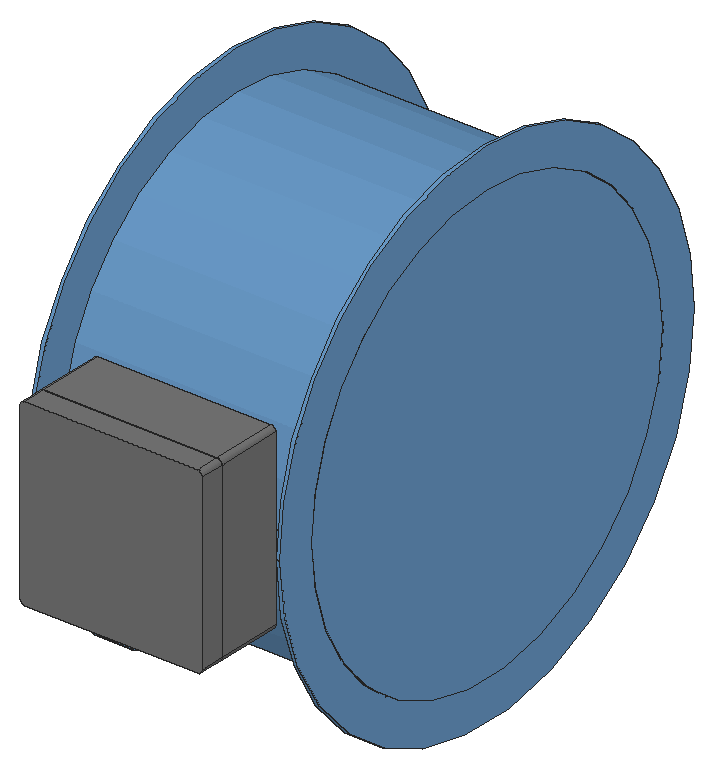
Revit family "VENTS-VKF", category Mechanical Equipment, Revit 2019
Family settings
  Round Connector Dimension = Use Diameter
  Classification = None
  Part Type = Breaks Into
  OmniClass Number = 23.75.35.17.11
  OmniClass Title = Fans for Air Ductwork
  Work Plane-Based = No
  Always vertical = Yes
  Cut with Voids When Loaded = No
  Shared = No
  Room Calculation Point = No
Parameters (values of type "VKF 2D 250 (50Hz)")
  sFl = 2 mm  # constant formula
  gsD = L * 0.8  # 120 mm
  dFl = (D2 - D) / 2  # 23 mm
  Weight = 3.90 kg
  Voltage = 400 V
  URL = "https://ventilation-system.com/product/vkf-2d-250"
  Type Comments = "Inline axial fan VKF 2D 250"
  Transported Air Temperature (°C) = "-30...+60"
  RPM (min-1) = 2600
  Protection rating = "IPX4"
  Power Factor = 1
  Power = 80 W
  Number of Poles = 3
  Noise Level at 3 m (dBa) = 51
  Motor protection rating = "IP44"
  Model = "VKF 2D 250"
  Maximum Air Flow = 1060 m³/h
  Manufacturer = "Vents"
  Maintenance Zone Width = D2  # 306 mm
  Maintenance Zone Material = Maintenance Zone
  Maintenance Zone Length = 400 mm
  Maintenance Zone Height = 400 mm
  Maintenance Zone [instance] = no
  Load Classification = HVAC
  L = 150 mm
  Flow direction symbol [instance] = yes
  Flow Factor [instance] = 1  # constant formula
  Family Version = "1.0"  # constant formula
  Distribution Box Material = Distribution Box
  Description = "Inline axial fan for round ducts"
  Current = 0.22 A
  Copyright = "©Vents"
  Connection Diameter = 250 mm
  Casing Material = Metal Painted Blue
  D2 = 306 mm
  D = 260 mm
  Apparent Power = Power / Power Factor  # 80 VA
  Air Flow [instance] = 0 m³/h
Types (62, lengths in mm): name | gsD | dFl | Weight | Voltage | URL | Type Comments | Transported Air Temperature (°C) | RPM (min-1) | Power | Number of Poles | Noise Level at 3 m (dBa) | Motor protection rating | Model | Maximum Air Flow | Maintenance Zone Width | L | Current | Connection Diameter | D2 | D | Apparent Power
  VKF 2E 200 (50Hz) | 96 | 25 | 3.00 kg | 230 V | "https://ventilation-system.com/product/vkf-2e-200" | "Inline axial fan VKF 2E 200" | "-30...+60" | 2300 | 55 W | 1 | 48 | "IP24" | "VKF 2E 200" | 860 m³/h | 255 | 120 | 0.26 A | 200 | 255 | 205 | 55 VA
  VKF 2E 200 (60Hz) | 96 | 25 | 3.00 kg | 230 V | "https://ventilation-system.com/product/vkf-2e-200" | "Inline axial fan VKF 2E 200" | "-30...+50" | 2550 | 61 W | 1 | 49 | "IP24" | "VKF 2E 200" | 875 m³/h | 255 | 120 | 0.28 A | 200 | 255 | 205 | 61 VA
  VKF 2E 250 (50Hz) | 120 | 23 | 3.90 kg | 230 V | "https://ventilation-system.com/product/vkf-2e-250" | "Inline axial fan VKF 2E 250" | "-30...+60" | 2400 | 80 W | 1 | 50 | "IP24" | "VKF 2E 250" | 1050 m³/h | 306 | 150 | 0.4 A | 250 | 306 | 260 | 80 VA
  VKF 2E 250 (60Hz) | 120 | 23 | 3.90 kg | 230 V | "https://ventilation-system.com/product/vkf-2e-250" | "Inline axial fan VKF 2E 250" | "-30...+50" | 2990 | 91 W | 1 | 51 | "IP24" | "VKF 2E 250" | 1150 m³/h | 306 | 150 | 0.42 A | 250 | 306 | 260 | 91 VA
  VKF 4E 250 (50Hz) | 120 | 23 | 4.00 kg | 230 V | "https://ventilation-system.com/product/vkf-4e-250" | "Inline axial fan VKF 4E 250" | "-30...+60" | 1380 | 50 W | 1 | 38 | "IP24" | "VKF 4E 250" | 800 m³/h | 306 | 150 | 0.22 A | 250 | 306 | 260 | 50 VA
  VKF 4E 250 (60Hz) | 120 | 23 | 4.00 kg | 230 V | "https://ventilation-system.com/product/vkf-4e-250" | "Inline axial fan VKF 4E 250" | "-30...+50" | 1730 | 56 W | 1 | 39 | "IP24" | "VKF 4E 250" | 865 m³/h | 306 | 150 | 0.24 A | 250 | 306 | 260 | 56 VA
  VKF 2E 300 (50Hz) | 128 | 36 | 6.20 kg | 230 V | "https://ventilation-system.com/product/vkf-2e-300" | "Inline axial fan VKF 2E 300" | "-30...+60" | 2300 | 145 W | 1 | 53 | "IP24" | "VKF 2E 300" | 2230 m³/h | 382 | 160 | 0.66 A | 315 | 382 | 310 | 145 VA
  VKF 2E 300 (60Hz) | 128 | 36 | 6.20 kg | 230 V | "https://ventilation-system.com/product/vkf-2e-300" | "Inline axial fan VKF 2E 300" | "-30...+50" | 2410 | 178 W | 1 | 54 | "IP24" | "VKF 2E 300" | 2280 m³/h | 382 | 160 | 0.79 A | 315 | 382 | 310 | 178 VA
  VKF 4E 300 (50Hz) | 128 | 36 | 6.20 kg | 230 V | "https://ventilation-system.com/product/vkf-4e-300" | "Inline axial fan VKF 4E 300" | "-30...+60" | 1350 | 75 W | 1 | 44 | "IP24" | "VKF 4E 300" | 1340 m³/h | 382 | 160 | 0.35 A | 315 | 382 | 310 | 75 VA
  VKF 4E 300 (60Hz) | 128 | 36 | 6.20 kg | 230 V | "https://ventilation-system.com/product/vkf-4e-300" | "Inline axial fan VKF 4E 300" | "-30...+50" | 1405 | 92 W | 1 | 45 | "IP24" | "VKF 4E 300" | 1475 m³/h | 382 | 160 | 0.4 A | 315 | 382 | 310 | 92 VA
  VKF 4E 350 (50Hz) | 128 | 29.5 | 7.70 kg | 230 V | "https://ventilation-system.com/product/vkf-4e-350" | "Inline axial fan VKF 4E 350" | "-30...+60" | 1380 | 140 W | 1 | 46 | "IP24" | "VKF 4E 350" | 2500 m³/h | 421 | 160 | 0.65 A | 355 | 421 | 362 | 140 VA
  VKF 4E 350 (60Hz) | 128 | 29.5 | 7.70 kg | 230 V | "https://ventilation-system.com/product/vkf-4e-350" | "Inline axial fan VKF 4E 350" | "-30...+50" | 1700 | 147 W | 1 | 47 | "IP24" | "VKF 4E 350" | 2650 m³/h | 421 | 160 | 0.66 A | 355 | 421 | 362 | 147 VA
  VKF 4E 400 (50Hz) | 136 | 26.5 | 8.10 kg | 230 V | "https://ventilation-system.com/product/vkf-4e-400" | "Inline axial fan VKF 4E 400" | "-30...+60" | 1380 | 180 W | 1 | 53 | "IP24" | "VKF 4E 400" | 3580 m³/h | 465 | 170 | 0.82 A | 400 | 465 | 412 | 180 VA
  VKF 4E 400 (60Hz) | 136 | 26.5 | 8.10 kg | 230 V | "https://ventilation-system.com/product/vkf-4e-400" | "Inline axial fan VKF 4E 400" | "-30...+50" | 1655 | 240 W | 1 | 54 | "IP24" | "VKF 4E 400" | 3890 m³/h | 465 | 170 | 1.08 A | 400 | 465 | 412 | 240 VA
  VKF 4E 450 (50Hz) | 160 | 26.5 | 9.10 kg | 230 V | "https://ventilation-system.com/product/vkf-4e-450" | "Inline axial fan VKF 4E 450" | "-30...+60" | 1350 | 250 W | 1 | 56 | "IP24" | "VKF 4E 450" | 4680 m³/h | 515 | 200 | 1.2 A | 450 | 515 | 462 | 250 VA
  VKF 4E 450 (60Hz) | 160 | 26.5 | 9.10 kg | 230 V | "https://ventilation-system.com/product/vkf-4e-450" | "Inline axial fan VKF 4E 450" | "-30...+50" | 1600 | 325 W | 1 | 57 | "IP24" | "VKF 4E 450" | 4790 m³/h | 515 | 200 | 1.46 A | 450 | 515 | 462 | 325 VA
  VKF 6E 450 (50Hz) | 160 | 26.5 | 9.10 kg | 230 V | "https://ventilation-system.com/product/vkf-6e-450" | "Inline axial fan VKF 6E 450" | "-30...+60" | 945 | 151 W | 1 | 52 | "IP24" | "VKF 6E 450" | 3200 m³/h | 515 | 200 | 0.78 A | 450 | 515 | 462 | 151 VA
  VKF 6E 450 (60Hz) | 160 | 26.5 | 9.10 kg | 230 V | "https://ventilation-system.com/product/vkf-6e-450" | "Inline axial fan VKF 6E 450" | "-30...+50" | 1115 | 161 W | 1 | 52 | "IP24" | "VKF 6E 450" | 3250 m³/h | 515 | 200 | 0.8 A | 450 | 515 | 462 | 161 VA
  VKF 4E 500 (50Hz) | 176 | 27.5 | 11.00 kg | 230 V | "https://ventilation-system.com/product/vkf-4e-500" | "Inline axial fan VKF 4E 500" | "-30...+60" | 1300 | 420 W | 1 | 58 | "IP24" | "VKF 4E 500" | 7060 m³/h | 570 | 220 | 1.95 A | 500 | 570 | 515 | 420 VA
  VKF 4E 500 (60Hz) | 176 | 27.5 | 11.00 kg | 230 V | "https://ventilation-system.com/product/vkf-4e-500" | "Inline axial fan VKF 4E 500" | "-30...+50" | 1630 | 455 W | 1 | 59 | "IP24" | "VKF 4E 500" | 7130 m³/h | 570 | 220 | 2.05 A | 500 | 570 | 515 | 455 VA
  VKF 6E 500 (50Hz) | 176 | 27.5 | 11.00 kg | 230 V | "https://ventilation-system.com/product/vkf-6e-500" | "Inline axial fan VKF 6E 500" | "-30...+60" | 945 | 220 W | 1 | 56 | "IP24" | "VKF 6E 500" | 4880 m³/h | 570 | 220 | 1.1 A | 500 | 570 | 515 | 220 VA
  VKF 6E 500 (60Hz) | 176 | 27.5 | 11.00 kg | 230 V | "https://ventilation-system.com/product/vkf-6e-500" | "Inline axial fan VKF 6E 500" | "-30...+50" | 1105 | 268 W | 1 | 56 | "IP24" | "VKF 6E 500" | 5380 m³/h | 570 | 220 | 1.22 A | 500 | 570 | 515 | 268 VA
  VKF 4E 550 (50Hz) | 184 | 35.5 | 13.90 kg | 230 V | "https://ventilation-system.com/product/vkf-4e-550" | "Inline axial fan VKF 4E 550" | "-30...+60" | 1300 | 550 W | 1 | 62 | "IP24" | "VKF 4E 550" | 8800 m³/h | 636 | 230 | 2.55 A | 560 | 636 | 565 | 550 VA
  VKF 4E 550 (60Hz) | 184 | 35.5 | 13.90 kg | 230 V | "https://ventilation-system.com/product/vkf-4e-550" | "Inline axial fan VKF 4E 550" | "-30...+50" | 1580 | 654 W | 1 | 63 | "IP24" | "VKF 4E 550" | 8970 m³/h | 636 | 230 | 2.88 A | 560 | 636 | 565 | 654 VA
  VKF 6E 550 (50Hz) | 184 | 35.5 | 13.90 kg | 230 V | "https://ventilation-system.com/product/vkf-6e-550" | "Inline axial fan VKF 6E 550" | "-30...+60" | 950 | 330 W | 1 | 58 | "IP24" | "VKF 6E 550" | 6400 m³/h | 636 | 230 | 1.6 A | 560 | 636 | 565 | 330 VA
  VKF 6E 550 (60Hz) | 184 | 35.5 | 13.90 kg | 230 V | "https://ventilation-system.com/product/vkf-6e-550" | "Inline axial fan VKF 6E 550" | "-30...+50" | 1060 | 375 W | 1 | 58 | "IP24" | "VKF 6E 550" | 6520 m³/h | 636 | 230 | 1.63 A | 560 | 636 | 565 | 375 VA
  VKF 4E 630 (50Hz) | 200 | 35 | 16.40 kg | 230 V | "https://ventilation-system.com/product/vkf-4e-630" | "Inline axial fan VKF 4E 630" | "-30...+60" | 1360 | 750 W | 1 | 67 | "IP24" | "VKF 4E 630" | 11900 m³/h | 715 | 250 | 3.5 A | 630 | 715 | 645 | 750 VA
  VKF 4E 630 (60Hz) | 200 | 35 | 16.40 kg | 230 V | "https://ventilation-system.com/product/vkf-4e-630" | "Inline axial fan VKF 4E 630" | "-30...+50" | 1625 | 979 W | 1 | 68 | "IP24" | "VKF 4E 630" | 12100 m³/h | 715 | 250 | 4.26 A | 630 | 715 | 645 | 979 VA
  VKF 6E 630 (50Hz) | 200 | 35 | 16.40 kg | 230 V | "https://ventilation-system.com/product/vkf-6e-630" | "Inline axial fan VKF 6E 630" | "-30...+60" | 850 | 540 W | 1 | 59 | "IP24" | "VKF 6E 630" | 10900 m³/h | 715 | 250 | 2.4 A | 630 | 715 | 645 | 540 VA
  VKF 6E 630 (60Hz) | 200 | 35 | 16.40 kg | 230 V | "https://ventilation-system.com/product/vkf-6e-630" | "Inline axial fan VKF 6E 630" | "-30...+50" | 1075 | 610 W | 1 | 59 | "IP24" | "VKF 6E 630" | 10990 m³/h | 715 | 250 | 2.74 A | 630 | 715 | 645 | 610 VA
  VKF 2D 250 (50Hz) | 120 | 23 | 3.90 kg | 400 V | "https://ventilation-system.com/product/vkf-2d-250" | "Inline axial fan VKF 2D 250" | "-30...+60" | 2600 | 80 W | 3 | 51 | "IP44" | "VKF 2D 250" | 1060 m³/h | 306 | 150 | 0.22 A | 250 | 306 | 260 | 80 VA
  VKF 2D 250 (60Hz) | 120 | 23 | 3.90 kg | 400 V | "https://ventilation-system.com/product/vkf-2d-250" | "Inline axial fan VKF 2D 250" | "-30...+50" | 3030 | 92 W | 3 | 52 | "IP44" | "VKF 2D 250" | 1150 m³/h | 306 | 150 | 0.24 A | 250 | 306 | 260 | 92 VA
  VKF 4D 250 (50Hz) | 120 | 23 | 4.00 kg | 400 V | "https://ventilation-system.com/product/vkf-4d-250" | "Inline axial fan VKF 4D 250" | "-30...+60" | 1400 | 60 W | 3 | 38 | "IP44" | "VKF 4D 250" | 850 m³/h | 306 | 150 | 0.17 A | 250 | 306 | 260 | 60 VA
  VKF 4D 250 (60Hz) | 120 | 23 | 4.00 kg | 400 V | "https://ventilation-system.com/product/vkf-4d-250" | "Inline axial fan VKF 4D 250" | "-30...+50" | 1750 | 89 W | 3 | 38 | "IP44" | "VKF 4D 250" | 885 m³/h | 306 | 150 | 0.22 A | 250 | 306 | 260 | 89 VA
  VKF 2D 300 (50Hz) | 128 | 36 | 5.70 kg | 400 V | "https://ventilation-system.com/product/vkf-2d-300" | "Inline axial fan VKF 2D 300" | "-30...+60" | 2350 | 145 W | 3 | 52 | "IP44" | "VKF 2D 300" | 2310 m³/h | 382 | 160 | 0.25 A | 315 | 382 | 310 | 145 VA
  VKF 2D 300 (60Hz) | 128 | 36 | 5.70 kg | 400 V | "https://ventilation-system.com/product/vkf-2d-300" | "Inline axial fan VKF 2D 300" | "-30...+50" | 2570 | 165 W | 3 | 52 | "IP44" | "VKF 2D 300" | 2390 m³/h | 382 | 160 | 0.29 A | 315 | 382 | 310 | 165 VA
  VKF 4D 300 (50Hz) | 128 | 36 | 6.20 kg | 400 V | "https://ventilation-system.com/product/vkf-4d-300" | "Inline axial fan VKF 4D 300" | "-30...+60" | 1380 | 75 W | 3 | 45 | "IP44" | "VKF 4D 300" | 1310 m³/h | 382 | 160 | 0.22 A | 315 | 382 | 310 | 75 VA
  VKF 4D 300 (60Hz) | 128 | 36 | 6.20 kg | 400 V | "https://ventilation-system.com/product/vkf-4d-300" | "Inline axial fan VKF 4D 300" | "-30...+50" | 1640 | 94 W | 3 | 45 | "IP44" | "VKF 4D 300" | 1530 m³/h | 382 | 160 | 0.25 A | 315 | 382 | 310 | 94 VA
  VKF 4D 350 (50Hz) | 128 | 29.5 | 7.70 kg | 400 V | "https://ventilation-system.com/product/vkf-4d-350" | "Inline axial fan VKF 4D 350" | "-30...+60" | 1380 | 140 W | 3 | 46 | "IP44" | "VKF 4D 350" | 2520 m³/h | 421 | 160 | 0.38 A | 350 | 421 | 362 | 140 VA
  VKF 4D 350 (60Hz) | 128 | 29.5 | 7.70 kg | 400 V | "https://ventilation-system.com/product/vkf-4d-350" | "Inline axial fan VKF 4D 350" | "-30...+50" | 1640 | 150 W | 3 | 46 | "IP44" | "VKF 4D 350" | 2590 m³/h | 421 | 160 | 0.41 A | 350 | 421 | 362 | 150 VA
  VKF 4D 400 (50Hz) | 136 | 26.5 | 8.10 kg | 400 V | "https://ventilation-system.com/product/vkf-4d-400" | "Inline axial fan VKF 4D 400" | "-30...+60" | 1380 | 180 W | 3 | 54 | "IP44" | "VKF 4D 400" | 3740 m³/h | 465 | 170 | 0.47 A | 400 | 465 | 412 | 180 VA
  VKF 4D 400 (60Hz) | 136 | 26.5 | 8.10 kg | 400 V | "https://ventilation-system.com/product/vkf-4d-400" | "Inline axial fan VKF 4D 400" | "-30...+50" | 1625 | 195 W | 3 | 54 | "IP44" | "VKF 4D 400" | 3870 m³/h | 465 | 170 | 0.55 A | 400 | 465 | 412 | 195 VA
  VKF 4D 450 (50Hz) | 160 | 26.5 | 9.10 kg | 400 V | "https://ventilation-system.com/product/vkf-4d-450" | "Inline axial fan VKF 4D 450" | "-30...+60" | 1360 | 250 W | 3 | 56 | "IP44" | "VKF 4D 450" | 5280 m³/h | 515 | 200 | 0.6 A | 450 | 515 | 462 | 250 VA
  VKF 4D 450 (60Hz) | 160 | 26.5 | 9.10 kg | 400 V | "https://ventilation-system.com/product/vkf-4d-450" | "Inline axial fan VKF 4D 450" | "-30...+50" | 1620 | 275 W | 3 | 56 | "IP44" | "VKF 4D 450" | 5350 m³/h | 515 | 200 | 0.65 A | 450 | 515 | 462 | 275 VA
  VKF 6D 450 (50Hz) | 160 | 26.5 | 9.10 kg | 400 V | "https://ventilation-system.com/product/vkf-6d-450" | "Inline axial fan VKF 6D 450" | "-30...+60" | 900 | 148 W | 3 | 53 | "IP24" | "VKF 6D 450" | 3500 m³/h | 515 | 200 | 0.42 A | 450 | 515 | 462 | 148 VA
  VKF 6D 450 (60Hz) | 160 | 26.5 | 9.10 kg | 400 V | "https://ventilation-system.com/product/vkf-6d-450" | "Inline axial fan VKF 6D 450" | "-30...+50" | 1050 | 175 W | 3 | 53 | "IP24" | "VKF 6D 450" | 3580 m³/h | 515 | 200 | 0.47 A | 450 | 515 | 462 | 175 VA
  VKF 4D 500 (50Hz) | 176 | 27.5 | 11.00 kg | 400 V | "https://ventilation-system.com/product/vkf-4d-500" | "Inline axial fan VKF 4D 500" | "-30..+60" | 1300 | 450 W | 3 | 60 | "IP24" | "VKF 4D 500" | 6570 m³/h | 570 | 220 | 0.9 A | 500 | 570 | 515 | 450 VA
  VKF 4D 500 (60Hz) | 176 | 27.5 | 11.00 kg | 400 V | "https://ventilation-system.com/product/vkf-4d-500" | "Inline axial fan VKF 4D 500" | "-30..+50" | 1605 | 370 W | 3 | 60 | "IP24" | "VKF 4D 500" | 6230 m³/h | 570 | 220 | 0.7 A | 500 | 570 | 515 | 370 VA
  VKF 6D 500 (50Hz) | 176 | 27.5 | 11.00 kg | 400 V | "https://ventilation-system.com/product/vkf-6d-500" | "Inline axial fan VKF 6D 500" | "-30..+60" | 920 | 230 W | 3 | 57 | "IP24" | "VKF 6D 500" | 4900 m³/h | 570 | 220 | 0.58 A | 500 | 570 | 515 | 230 VA
  VKF 6D 500 (60Hz) | 176 | 27.5 | 11.00 kg | 400 V | "https://ventilation-system.com/product/vkf-6d-500" | "Inline axial fan VKF 6D 500" | "-30..+50" | 1015 | 281 W | 3 | 57 | "IP24" | "VKF 6D 500" | 5430 m³/h | 570 | 220 | 0.59 A | 500 | 570 | 515 | 281 VA
  VKF 4D 550 (50Hz) | 184 | 35.5 | 13.90 kg | 400 V | "https://ventilation-system.com/product/vkf-4d-550" | "Inline axial fan VKF 4D 550" | "-30..+60" | 1350 | 750 W | 3 | 64 | "IP24" | "VKF 4D 550" | 9700 m³/h | 636 | 230 | 1.5 A | 560 | 636 | 565 | 750 VA
  VKF 4D 550 (60Hz) | 184 | 35.5 | 13.90 kg | 400 V | "https://ventilation-system.com/product/vkf-4d-550" | "Inline axial fan VKF 4D 550" | "-30..+50" | 1605 | 600 W | 3 | 64 | "IP24" | "VKF 4D 550" | 7380 m³/h | 636 | 230 | 1.1 A | 560 | 636 | 565 | 600 VA
  VKF 6D 550 (50Hz) | 184 | 35.5 | 13.90 kg | 400 V | "https://ventilation-system.com/product/vkf-6d-550" | "Inline axial fan VKF 6D 550" | "-30..+60" | 910 | 337 W | 3 | 61 | "IP24" | "VKF 6D 550" | 6400 m³/h | 636 | 230 | 0.9 A | 560 | 636 | 565 | 337 VA
  VKF 6D 550 (60Hz) | 184 | 35.5 | 13.90 kg | 400 V | "https://ventilation-system.com/product/vkf-6d-550" | "Inline axial fan VKF 6D 550" | "-30..+50" | 1020 | 447 W | 3 | 61 | "IP24" | "VKF 6D 550" | 6520 m³/h | 636 | 230 | 0.95 A | 560 | 636 | 565 | 447 VA
  VKF 4D 630 (50Hz) | 200 | 36.5 | 16.40 kg | 400 V | "https://ventilation-system.com/product/vkf-4d-630" | "Inline axial fan VKF 4D 630" | "-30..+60" | 1320 | 800 W | 3 | 69 | "IP24" | "VKF 4D 630" | 12200 m³/h | 715 | 250 | 1.6 A | 630 | 715 | 642 | 800 VA
  VKF 4D 630 (60Hz) | 200 | 36.5 | 16.40 kg | 400 V | "https://ventilation-system.com/product/vkf-4d-630" | "Inline axial fan VKF 4D 630" | "-30..+50" | 1585 | 910 W | 3 | 69 | "IP24" | "VKF 4D 630" | 12400 m³/h | 715 | 250 | 1.68 A | 630 | 715 | 642 | 910 VA
  VKF 6D 630 (50Hz) | 200 | 36.5 | 16.40 kg | 400 V | "https://ventilation-system.com/product/vkf-6d-630" | "Inline axial fan VKF 6D 630" | "-30..+60" | 900 | 550 W | 3 | 59 | "IP24" | "VKF 6D 630" | 1950 m³/h | 715 | 250 | 1.45 A | 630 | 715 | 642 | 550 VA
  VKF 6D 630 (60Hz) | 200 | 36.5 | 16.40 kg | 400 V | "https://ventilation-system.com/product/vkf-6d-630" | "Inline axial fan VKF 6D 630" | "-30..+50" | 1060 | 716 W | 3 | 59 | "IP24" | "VKF 6D 630" | 11120 m³/h | 715 | 250 | 1.56 A | 630 | 715 | 642 | 716 VA
  VKF 6D 710 (50Hz) | 200 | 40 | 30.00 kg | 400 V | "https://ventilation-system.com/product/vkf-6d-710" | "Inline axial fan VKF 6D 710" | "-30...+60" | 830 | 1150 W | 3 | 63 | "IP44" | "VKF 6D 710" | 15440 m³/h | 805 | 250 | 2 A | 710 | 805 | 725 | 1150 VA
  VKF 8D 710 (50Hz) | 200 | 40 | 30.00 kg | 400 V | "https://ventilation-system.com/product/vkf-8d-710" | "Inline axial fan VKF 8D 710" | "-30...+60" | 710 | 700 W | 3 | 61 | "IP44" | "VKF 8D 710" | 12000 m³/h | 805 | 250 | 1.5 A | 710 | 805 | 725 | 700 VA
  VKF 6D 800 (50Hz) | 224 | 40 | 40.00 kg | 400 V | "https://ventilation-system.com/product/vkf-6d-800" | "Inline axial fan VKF 6D 800" | "-30...+60" | 915 | 1850 W | 3 | 67 | "IP44" | "VKF 6D 800" | 25000 m³/h | 880 | 280 | 3.7 A | 800 | 880 | 800 | 1850 VA
  VKF 8D 800 (50Hz) | 224 | 40 | 40.00 kg | 400 V | "https://ventilation-system.com/product/vkf-8d-800" | "Inline axial fan VKF 8D 800" | "-30...+60" | 710 | 700 W | 3 | 66 | "IP44" | "VKF 8D 800" | 15550 m³/h | 880 | 280 | 1.7 A | 800 | 880 | 800 | 700 VA
Reference planes
  plane 1 "Center (Front/Back)": y = 0
  plane 2: z = 0
  plane 3 "Center (Left/Right)": x = 0
  plane 4 "Right": x = 150
  plane 5: y = 130
  plane 6 "ElCon": y = -130
  plane 7 "Top": z = 130
  plane 8 "GraphicSymbolL": x = 75
  plane 9 "Bottom": z = -130
Forms (mm)
  Extrusion 1, solid, material "Metal Painted Blue" <- "Casing Material", detail levels medium+fine
    sketch origin (150, 0, 0) x (0, 1, 0) y (0, 0, 1)
      loop
        circle (0, 0) r 130
    from -150 to 0
  Sweep 2, solid, material "Metal Painted Blue" <- "Casing Material", detail levels medium+fine
    path origin (150, 0, 0) x (0, 1, 0) y (0, 0, 1)
      loop
        circle (0, 0) r 130
    profile origin (150, 0, 130) x (0, 0, -1) y (1, 0, 0)
      loop
        line (0, 0) -> (-23, 0) -> (-23, -2) -> (0, -2) -> (0, 0)
  Sweep 3, solid, material "Metal Painted Blue" <- "Casing Material", detail levels medium+fine
    path origin (0, 0, 0) x (0, 1, 0) y (0, 0, 1)
      loop
        circle (0, 0) r 130
    profile origin (0, 0, 130) x (0, 0, -1) y (1, 0, 0)
      loop
        line (0, 0) -> (0, 2) -> (-23, 2) -> (-23, 0) -> (0, 0)
Lines and regions (mm)
  model lines, detail levels coarse
    curve 1: line (0, 130, 0) -> (150, 130, 0)
    curve 2: line (0, -130, 0) -> (0, 130, 0)
    curve 3: line (150, -130, 0) -> (0, -130, 0)
    curve 4: line (150, 130, 0) -> (150, -130, 0)
Dimensions and locks
  "L": plane 3 "Center (Left/Right)" to plane 4 "Right"
  equal spacing: plane 5, plane 1 "Center (Front/Back)", plane 6 "ElCon"
  "D": plane 5 to plane 6 "ElCon"
  equal spacing: plane 3 "Center (Left/Right)", plane 8 "GraphicSymbolL", plane 4 "Right"
  equal spacing: plane 7 "Top", level, plane 9 "Bottom"
  "D": plane 7 "Top" to plane 9 "Bottom"
  "dFl": Sweep 2 sketch curve to Sweep 2 sketch curve
  "sFl": profile plane to Sweep 2 sketch curve
  "dFl": profile plane to Sweep 3 sketch curve
  "sFl": Sweep 3 sketch curve to profile plane
  "D": diameter of Extrusion 1 sketch curve
  "D": diameter of Sweep 2 sketch curve
  "D": diameter of Sweep 3 sketch curve
  aligned and locked: level to plane 2
  aligned and locked: plane 8 "GraphicSymbolL" to nested 1
  aligned and locked: plane 1 "Center (Front/Back)" to nested 1
  aligned and locked: plane 8 "GraphicSymbolL" to nested 2
  aligned and locked: plane 2 to nested 2
  aligned and locked: plane 1 "Center (Front/Back)" to nested 3
  aligned and locked: plane 8 "GraphicSymbolL" to nested 3
  aligned and locked: Extrusion 1 to plane 3 "Center (Left/Right)"
  aligned and locked: plane 4 "Right" to Extrusion 1
  aligned and locked: plane 8 "GraphicSymbolL" to nested 4
  aligned and locked: level to nested 4
  aligned and locked: plane 8 "GraphicSymbolL" to nested 5
  aligned and locked: level to nested 5
Automatic sketch dimensions
  curve 3 to plane 3 "Center (Left/Right)" = 0 mm
  curve 3 to plane 4 "Right" = 0 mm
  curve 3 to plane 6 "ElCon" = 0 mm
  curve 2 to plane 5 = 0 mm
  Extrusion 1 sketch curve to level = 0 mm
  Extrusion 1 sketch curve to plane 1 "Center (Front/Back)" = 0 mm
  Sweep 2 sketch curve to level = 0 mm
  Sweep 2 sketch curve to plane 1 "Center (Front/Back)" = 0 mm
  Sweep 2 sketch curve to plane 4 "Right" = 0 mm
  Sweep 2 sketch curve to profile plane = 0 mm
  Sweep 3 sketch curve to level = 0 mm
  Sweep 3 sketch curve to plane 1 "Center (Front/Back)" = 0 mm
  Sweep 3 sketch curve to plane 3 "Center (Left/Right)" = 0 mm
  Sweep 3 sketch curve to profile plane = 0 mm
Nested families
  nested 1: "GraphicalSymbol_Fun_FlowDirection" at (75, 0, 0), visible <- "Flow direction symbol", type "GraphicalSymbol_Fun_FlowDirection", detail levels medium+fine
  nested 2: "GraphicalSymbol_Fun_FlowDirection" at (75, 0, 0) x (1, 0, 0) z (0, 1, 0), visible <- "Flow direction symbol", type "GraphicalSymbol_Fun_FlowDirection", detail levels medium+fine
  nested 3: "GraphicalSymbol_Fan_2" at (75, 0, 0), type "GraphicalSymbol_Fan_2", detail levels coarse
    with Diameter 120 mm, B 57.6 mm, A 42 mm
  nested 4: "DistributionBox" at (75, -130, 0) x (1, 0, 0) z (0, -1, 0), type "DistributionBox", detail levels medium+fine
    with Hcover 14 mm, Hcon 20 mm, H1 40 mm, ConD 20 mm, ConB 27 mm, ConA 27 mm, B 108 mm, A 108 mm
  nested 5: "MaintenanceZone_Rect" at (75, -130, 0) x (1, 0, 0) z (0, 1, 0), visible <- "Maintenance Zone", type "MaintenanceZone_Rect", detail levels medium+fine
    with Maintenance Zone Width 306 mm, Maintenance Zone Length 400 mm, Maintenance Zone Height 400 mm
Connectors
  hvac at (0, 0, 0), driven by "Connection Diameter", driven by "Air Flow"
    settings: on Extrusion 1, index 1, duct flow 0 m³/h, flow factor 0, pres drop 0.0 Pa, loss coef 0, conn angle 0.00°, conn width 304.8 mm, conn height 304.8 mm, conn diameter 250 mm, duct sys type 29, conn prof type 0, flow config 0, flow direction 1, loss method 0, conn ref index 2, conn util no, is conn primary yes, conn desc ""
  hvac at (150, 0, 0), driven by "Connection Diameter", driven by "Air Flow"
    settings: on Extrusion 1, index 2, duct flow 0 m³/h, flow factor 0, pres drop 0.0 Pa, loss coef 0, conn angle 0.00°, conn width 304.8 mm, conn height 304.8 mm, conn diameter 250 mm, duct sys type 29, conn prof type 0, flow config 0, flow direction 2, loss method 0, conn ref index 1, conn util no, is conn primary no, conn desc ""
  electrical at (48, -150, -51.975), driven by "Number of Poles", driven by "Load Classification", driven by "Voltage", driven by "Apparent Power", driven by "Power Factor"
    settings: on nested 4, index 3, voltage 400 V, apparent load 80 VA, apparent load phase1 0 VA, apparent load phase2 0 VA, apparent load phase3 0 VA, power factor 1, load classification "HVAC", number of poles 3, system type 30, power factor state 1, is connector primary yes, connector utility no, sub classification motor no, connector description ""
Definition of nested family "DistributionBox"
  Parameters (values of type "DistributionBox")
    Hcover = 10 mm
    Hcon = H1 / 2  # 12.5 mm
    H1 = 25 mm
    Distribution Box Material = none
    Default Elevation = 1219.2 mm
    ConD = 12 mm
    ConB = B / 4  # 12.5 mm
    ConA = A / 4  # 12.5 mm
    B = A  # 50 mm
    A = 50 mm
  Reference planes
    plane 1 "Center (Front/Back)": y = 0
    plane 2: z = 0
    plane 3 "Center (Left/Right)": x = 0
    plane 4: x = -25
    plane 5: x = 25
    plane 6: y = 25
    plane 7 "bottom": y = -25
    plane 8: z = 25
    plane 9: z = 35
    plane 10: x = -12.5
    plane 11: x = 12.5
    plane 12: y = 12.5
    plane 13: y = -12.5
    plane 14: z = 12.5
  Forms (mm)
    Extrusion 1, solid, material <- "Distribution Box Material"
      sketch origin (0, 0, 0) x (1, 0, 0) y (0, 1, 0)
        loop
          arc (-22, 25) -> (-24.121, 24.121) -> (-25, 22) r 3
          line (-25, 22) -> (-25, -22)
          arc (-25, -22) -> (-24.121, -24.121) -> (-22, -25) r 3
          line (-22, -25) -> (22, -25)
          arc (22, -25) -> (24.121, -24.121) -> (25, -22) r 3
          line (25, -22) -> (25, 22)
          arc (25, 22) -> (24.121, 24.121) -> (22, 25) r 3
          line (22, 25) -> (-22, 25)
      from 0 to 25
    Extrusion 2, solid, material <- "Distribution Box Material"
      sketch origin (0, 0, 0) x (1, 0, 0) y (0, 1, 0)
        loop
          arc (-22, 25) -> (-24.121, 24.121) -> (-25, 22) r 3
          line (-25, 22) -> (-25, -22)
          arc (-25, -22) -> (-24.121, -24.121) -> (-22, -25) r 3
          line (-22, -25) -> (22, -25)
          arc (22, -25) -> (24.121, -24.121) -> (25, -22) r 3
          line (25, -22) -> (25, 22)
          arc (25, 22) -> (24.121, 24.121) -> (22, 25) r 3
          line (22, 25) -> (-22, 25)
      from 25 to 35
    Extrusion 3, void
      sketch origin (-568.953, -25, 1200) x (1, 0, 0) y (0, 0, 1)
        loop
          circle (556.453, -1187.5) r 6
      from -2.025 to 0
  Cuts and joins
    Extrusion 3 cuts Extrusion 1
    Extrusion 3 cuts Extrusion 2
  Dimensions and locks
    equal spacing: plane 6, plane 1 "Center (Front/Back)", plane 7 "bottom"
    equal spacing: plane 4, plane 3 "Center (Left/Right)", plane 5
    "A": plane 6 to plane 7 "bottom"
    "B": plane 4 to plane 5
    "H1": level to plane 8
    "Hcover": plane 8 to plane 9
    "ConA": plane 1 "Center (Front/Back)" to plane 12
    "ConA": plane 13 to plane 1 "Center (Front/Back)"
    "ConB": plane 10 to plane 3 "Center (Left/Right)"
    "ConB": plane 3 "Center (Left/Right)" to plane 11
    "Hcon": plane 14 to level
    "ConD": diameter of Extrusion 3 sketch curve
    aligned and locked: level to plane 2
    aligned and locked: Extrusion 1 sketch curve to plane 6
    aligned and locked: plane 4 to Extrusion 1 sketch curve
    aligned and locked: plane 7 "bottom" to Extrusion 1 sketch curve
    aligned and locked: Extrusion 1 sketch curve to plane 5
    aligned and locked: plane 8 to Extrusion 1
    aligned and locked: plane 4 to Extrusion 2 sketch curve
    aligned and locked: Extrusion 2 sketch curve to plane 5
    aligned and locked: Extrusion 2 sketch curve to plane 6
    aligned and locked: plane 7 "bottom" to Extrusion 2 sketch curve
    aligned and locked: Extrusion 2 to plane 8
    aligned and locked: plane 9 to Extrusion 2
  Automatic sketch dimensions
    Extrusion 1 sketch curve to Extrusion 1 sketch curve = 3 mm  (x2)
    Extrusion 1 sketch curve to plane 5 = 3 mm  (x2)
    plane 4 to Extrusion 2 sketch curve = 3 mm
    Extrusion 2 sketch curve to Extrusion 2 sketch curve = 3 mm
    Extrusion 2 sketch curve to plane 5 = 3 mm  (x2)
    Extrusion 3 sketch curve to plane 10 = 0 mm
    Extrusion 3 sketch curve to plane 14 = 0 mm
Definition of nested family "MaintenanceZone_Rect"
  Parameters (values of type "MaintenanceZone_Rect")
    Maintenance Zone Width = 500 mm
    Material = none
    Maintenance Zone Length = 1000 mm
    Maintenance Zone Height = 300 mm
    Family Version = ""
    Default Elevation = 1219.2 mm
    Copyright = ""
  Reference planes
    plane 1 "Center (Front/Back)": y = 0
    plane 2: z = 0
    plane 3 "Center (Left/Right)": x = 0
    plane 4: x = -500
    plane 5: x = 500
    plane 6: y = 250
    plane 7: y = -250
    plane 8: z = -300
  Forms (mm)
    Extrusion 1, solid, material <- "Material", detail levels medium+fine
      sketch origin (0, 0, 0) x (1, 0, 0) y (0, 1, 0)
        loop
          line (-500, 250) -> (-500, -250) -> (500, -250) -> (500, 250) -> (-500, 250)
      from 0 to -300
  Lines and regions (mm)
    symbolic lines, detail levels medium+fine
      curve 1: line (-500, 0, 0) -> (500, 0, 0)
      curve 2: line (-500, 0, -300) -> (-500, 0, 0)
      curve 3: line (500, 0, -300) -> (-500, 0, -300)
      curve 4: line (500, 0, 0) -> (500, 0, -300)
      curve 5: line (0, 250, 0) -> (0, -250, 0)
      curve 6: line (0, 250, -300) -> (0, 250, 0)
      curve 7: line (0, -250, -300) -> (0, 250, -300)
      curve 8: line (0, -250, 0) -> (0, -250, -300)
      curve 9: line (-500, 250, 0) -> (500, 250, 0)
      curve 10: line (-500, -250, 0) -> (-500, 250, 0)
      curve 11: line (500, -250, 0) -> (-500, -250, 0)
      curve 12: line (500, 250, 0) -> (500, -250, 0)
  Dimensions and locks
    equal spacing: plane 6, plane 1 "Center (Front/Back)", plane 7
    equal spacing: plane 4, plane 3 "Center (Left/Right)", plane 5
    "Maintenance Zone Width": plane 6 to plane 7
    "Maintenance Zone Length": plane 4 to plane 5
    "Maintenance Zone Height": plane 2 to plane 8
    aligned and locked: level to plane 2
    aligned and locked: Extrusion 1 sketch curve to plane 6
    aligned and locked: plane 4 to Extrusion 1 sketch curve
    aligned and locked: plane 7 to Extrusion 1 sketch curve
    aligned and locked: Extrusion 1 sketch curve to plane 5
    aligned and locked: Extrusion 1 to plane 8
    aligned and locked: curve 1 to Extrusion 1
    aligned and locked: curve 2 to Extrusion 1
    aligned and locked: curve 3 to Extrusion 1
    aligned and locked: curve 4 to Extrusion 1
    aligned and locked: curve 5 to Extrusion 1
    aligned and locked: curve 6 to Extrusion 1
    aligned and locked: curve 7 to Extrusion 1
    aligned and locked: curve 8 to Extrusion 1
    aligned and locked: curve 9 to Extrusion 1
    aligned and locked: curve 10 to Extrusion 1
    aligned and locked: curve 11 to Extrusion 1
    aligned and locked: curve 12 to Extrusion 1
Definition of nested family "GraphicalSymbol_Fun_FlowDirection"
  Parameters (values of type "GraphicalSymbol_Fun_FlowDirection")
    Length = 100 mm
    Height = Length  # 100 mm
    B = Length / 2  # 50 mm
    A = Length / 3  # 33.333 mm
  Reference planes
    plane 1 "Center (Front/Back)": y = 0
    plane 2: z = 0
    plane 3 "Center (Left/Right)": x = 0
    plane 4: x = -33.333
    plane 5: x = 50
    plane 6: y = 50
    plane 7: y = -50
  Lines and regions (mm)
    detail lines, in view "Ref. Level"
      curve 1: line (-33.333, 50, 0) -> (-33.333, -50, 0)
      curve 2: line (50, 0, 0) -> (-33.333, -50, 0)
      curve 3: line (50, 0, 0) -> (-33.333, 50, 0)
  Dimensions and locks
    "A": plane 4 to plane 3 "Center (Left/Right)"
    "B": plane 3 "Center (Left/Right)" to plane 5
    equal spacing: plane 6, plane 1 "Center (Front/Back)", plane 7
    "Height": plane 6 to plane 7
    aligned and locked: curve 1 to plane 4
  Automatic sketch dimensions
    plane 1 "Center (Front/Back)" to curve 3 = 0 mm
    curve 3 to plane 5 = 0 mm
    curve 2 to plane 7 = 0 mm
    curve 3 to plane 6 = 0 mm
Definition of nested family "GraphicalSymbol_Fan_2"
  Parameters (values of type "GraphicalSymbol_Fan_2")
    Diameter = 100 mm
    Default Elevation = 1219.2 mm
    B = Diameter * 0.48  # 48 mm
    A = Diameter * 0.35  # 35 mm
  Reference planes
    plane 1 "Center (Front/Back)": y = 0
    plane 2: z = 0
    plane 3 "Center (Left/Right)": x = 0
    plane 4: x = -35
    plane 5: x = 48
  Lines and regions (mm)
    model lines
      curve 1: circle (0, 0, 0) r 50 normal (0, 0, 1)
      curve 4: line (-35, 35.707, 0) -> (48, 14, 0)
      curve 5: line (-35, -35.707, 0) -> (48, -14, 0)
    reference lines
      curve 2: line (50, 141.389, 0) -> (50, -158.611, 0)
      curve 3: line (-50, 141.389, 0) -> (-50, -158.611, 0)
  Dimensions and locks
    equal spacing: curve 3, plane 3 "Center (Left/Right)", curve 2
    "Diameter": curve 3 to curve 2
    "A": plane 4 to plane 3 "Center (Left/Right)"
    "B": plane 3 "Center (Left/Right)" to plane 5
    "Diameter": diameter of curve 1
    aligned and locked: level to plane 2
  Automatic sketch dimensions
    curve 4 to plane 4 = 0 mm
    curve 5 to plane 4 = 0 mm
    plane 1 "Center (Front/Back)" to curve 1 = 0 mm
    curve 1 to plane 3 "Center (Left/Right)" = 0 mm
    curve 5 to plane 5 = 0 mm
    curve 4 to plane 5 = 0 mm
    plane 1 "Center (Front/Back)" to curve 2 = 158.611 mm
    curve 3 to curve 2 = 0 mm  (x2)
    curve 3 to plane 1 "Center (Front/Back)" = 141.389 mm
